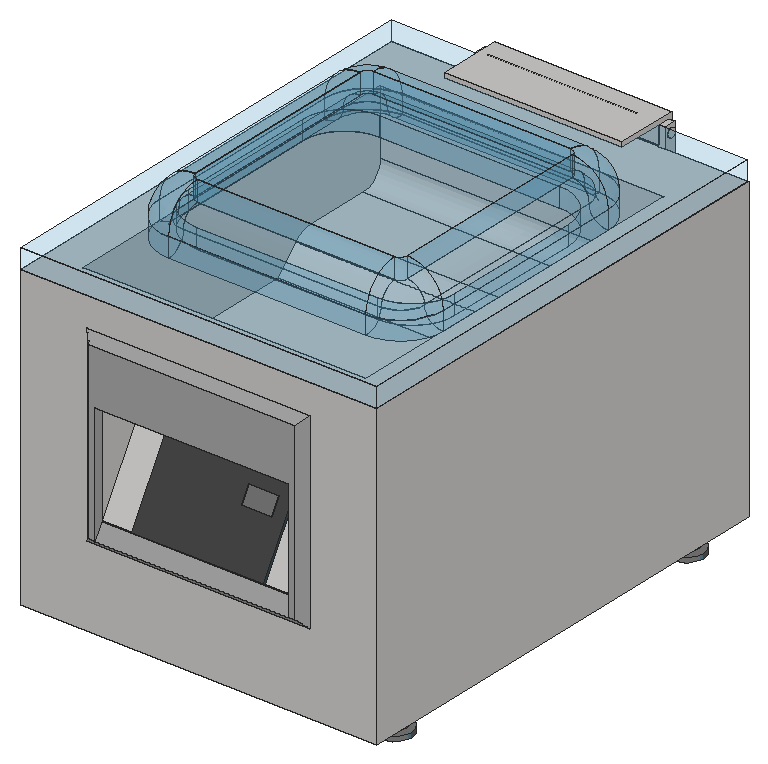
Revit family "QF_ELECTROLUXPROFESSIONAL_602212_EVP12D", category Specialty Equipment, Revit 2018
Family settings
  Round Connector Dimension = Use Diameter
  Part Type = Normal
  Work Plane-Based = No
  Always vertical = Yes
  Cut with Voids When Loaded = No
  Shared = No
  Room Calculation Point = No
Parameters (values of type "Standard")
  Weight = 46.50 kg
  Watts = 0 W
  Volts = 220 V
  URL Manufacturer = "https://www.electroluxprofessional.com/"
  URL = "https://www.electroluxprofessional.com/"
  Steam Supply Size = 0 mm
  Steam Supply Minimum Pressure = 0.0 Pa
  Steam Supply Maximum Pressure = 0.0 Pa
  Steam Pounds per Hour = 0
  Refrigeration Suction Line Size = 0.0 mm
  Refrigeration Liquid Line Size = 0.0 mm
  Refrigerant Compressor Remote = yes
  Manufacturer = "Electrolux Professional"
  Phase = 1
  Model = "EVP12D"
  Length Actual = 415.0 mm  # constant formula
  Item Number = "602212"
  Hot Water Size = 0 mm
  Height Actual = 437.0 mm  # constant formula
  HP = "0.9 HP"
  Gas Size = 0 mm
  Gas KW = 0
  Gas Input Pressure = 0 W
  Direct Waste Size = 0 mm
  Description = "VACUUM PACKER 12 M3/H, TABLE TOP, DIGITAL DISPLAY - UK PLUG"
  Depth Actual = 587.0 mm  # constant formula
  Cycle = 50 Hz
  Condensate Return Size = 0 mm
  Compressed Air Volume = 0.0 L/s
  Compressed Air Size = 0 mm
  Compressed Air Pressure = 0.0 Pa
  Cold Water Size = 0 mm
  Accessory = yes
Reference planes
  plane 1 "Center (Front/Back)": y = 0
  plane 2: z = 0
  plane 3 "Center (Left/Right)": x = 0
  plane 4 "LEFT": x = -207.5
  plane 5 "RIGHT": x = 207.5
  plane 6 "BACK": y = 285
  plane 7 "FRONT": y = -285
  plane 8 "Feet": z = 923
  plane 9 "TOP": z = 1337
  plane 10 "FeetY_Left": x = -178
  plane 11 "FeetX_Back": y = 212.5
  plane 12 "FeetX_Front": y = -212.5
  plane 13 "FeetY_Right": x = 178
  plane 14 "Cover": z = 1296
  plane 15 "PANEL": through (0, -188.368, 1189.413) normal (0, -0.8594, 0.5113)
  plane 16 "Pipe": y = 302
  plane 17 "PipeX": x = -194.407
  plane 18 "Open_MaxHeight": z = 1698
  plane 19 "Base": z = 900
Forms (mm)
  Revolve 1, solid, material "QF_Finishes_Rubber Black"
    sketch origin (-178, -374, 0) x (0, 1, 0) y (0, 0, 1)
      loop
        line (161.5, 900) -> (161.5, 923) -> (147.459, 923) -> (147.459, 908) -> (141.5, 905) -> (141.5, 900) -> (161.5, 900)
      axis (161.5, 923) -> (161.5, 900)
    angle from 0 to 360
  Revolve 2, solid, material "QF_Finishes_Rubber Black"
    sketch origin (178, 0, 0) x (0, 1, 0) y (0, 0, 1)
      loop
        line (-212.5, 900) -> (-212.5, 923) -> (-226.541, 923) -> (-226.541, 908) -> (-232.5, 905) -> (-232.5, 900) -> (-212.5, 900)
      axis (-212.5, 923) -> (-212.5, 900)
    angle from 0 to 360
  Revolve 3, solid, material "QF_Finishes_Rubber Black"
    sketch origin (-178, 0, 0) x (0, 1, 0) y (0, 0, 1)
      loop
        line (212.5, 900) -> (212.5, 923) -> (198.459, 923) -> (198.459, 908) -> (192.5, 905) -> (192.5, 900) -> (212.5, 900)
      axis (212.5, 923) -> (212.5, 900)
    angle from 0 to 360
  Revolve 4, solid, material "QF_Finishes_Rubber Black"
    sketch origin (178, 374, 0) x (0, 1, 0) y (0, 0, 1)
      loop
        line (-161.5, 900) -> (-161.5, 923) -> (-175.541, 923) -> (-175.541, 908) -> (-181.5, 905) -> (-181.5, 900) -> (-161.5, 900)
      axis (-161.5, 923) -> (-161.5, 900)
    angle from 0 to 360
  Extrusion 5, solid, material "QF_Finishes_Stainless Steel"
    sketch origin (0, 0, 0) x (1, 0, 0) y (0, 1, 0)
      loop
        line (-207.5, -275) -> (207.5, -275) -> (207.5, 266) -> (-207.5, 266) -> (-207.5, -275)
    from 923 to 1273
  Extrusion 6, solid, material "Glass"
    sketch origin (0, 0, 0) x (1, 0, 0) y (0, 1, 0)
      loop
        line (-207.5, -275) -> (207.5, -275) -> (207.5, 266) -> (-207.5, 266) -> (-207.5, -275)
      loop
        line (-155, 70) -> (-155, -95.5)
        arc (-155, -95.5) -> (-140.355, -130.855) -> (-105, -145.5) r 50
        line (-105, -145.5) -> (105.024, -145.5)
        arc (105.024, -145.5) -> (140.38, -130.855) -> (155.024, -95.5) r 50
        line (155.024, -95.5) -> (155.024, 70)
        arc (155.024, 70) -> (140.38, 105.355) -> (105.024, 120) r 50
        line (105.024, 120) -> (-105, 120)
        arc (-105, 120) -> (-140.355, 105.355) -> (-155, 70) r 50
    from 1296 to 1273
  Sweep 7, solid, material "Glass"
    path origin (0, 0, 1296) x (-1, 0, 0) y (0, -1, 0)
      loop
        arc (115, -165.5) -> (150.355, -150.855) -> (165, -115.5) r 50
        line (165, -115.5) -> (165, 124.5)
        arc (165, 124.5) -> (150.355, 159.855) -> (115, 174.5) r 50
        line (115, 174.5) -> (-115, 174.5)
        arc (-115, 174.5) -> (-150.355, 159.855) -> (-165, 124.5) r 50
        line (-165, 124.5) -> (-165, -115.5)
        arc (-165, -115.5) -> (-150.355, -150.855) -> (-115, -165.5) r 50
        line (-115, -165.5) -> (115, -165.5)
    profile origin (0, 165.5, 1296) x (0, 1, 0) y (0, 0, 1)
      loop
        line (0.024, -22.925) -> (0.024, -0.972)
        arc (0.024, -0.972) -> (-12.266, 28.699) -> (-41.936, 40.989) r 41.96
        line (-41.936, 40.989) -> (-41.936, 16.929)
        arc (-41.936, 16.929) -> (-27.767, 11.06) -> (-21.898, -3.109) r 20.038
        arc (-21.898, -3.109) -> (-15.074, -17.594) -> (0.024, -22.925) r 20.778
  Extrusion 8, void
    sketch origin (0, 0, 0) x (0, 1, 0) y (0, 0, 1)
      loop
        line (195.533, 1273) -> (-237.5, 1273) -> (-237.5, 1198)
        arc (-237.5, 1198) -> (-230.178, 1180.322) -> (-212.5, 1173) r 25
        line (-212.5, 1173) -> (-144.692, 1173)
        arc (-144.692, 1173) -> (-133.211, 1170.716) -> (-123.479, 1164.213) r 30
        line (-123.479, 1164.213) -> (-97.265, 1138) -> (47.265, 1138) -> (73.479, 1164.213)
        arc (73.479, 1164.213) -> (83.211, 1170.716) -> (94.692, 1173) r 30
        line (94.692, 1173) -> (170.533, 1173)
        arc (170.533, 1173) -> (188.211, 1180.322) -> (195.533, 1198) r 25
        line (195.533, 1198) -> (195.533, 1273)
    from -165.024 to 165.024
  Blend 9, solid, material "QF_Finishes_Gray"
    base sketch origin (10, -285, 0) x (-1, 0, 0) y (0, 0, 1)
      loop
        line (140, 1239.464) -> (-120, 1239.464) -> (-120, 1017) -> (140, 1017) -> (140, 1239.464)
    top sketch origin (10, -285, 0) x (-1, 0, 0) y (0, 0, 1)
      loop
        line (-110, 1229.464) -> (-110, 1027) -> (130, 1027) -> (130, 1229.464) -> (-110, 1229.464)
    from 10 to 0
  Extrusion 10, void
    sketch origin (0, 0, 0) x (0, 1, 0) y (0, 0, 1)
      loop
        line (-285, 1027) -> (-223.591, 1130.213) -> (-285, 1166.75) -> (-285, 1027)
    from -113 to 113
  Extrusion 11, solid, material "QF_Finishes_Stainless Steel"
    sketch origin (0, 0, 0) x (0, 1, 0) y (0, 0, 1)
      loop
        line (266, 1224.492) -> (280, 1224.492) -> (280, 1296) -> (266, 1296) -> (266, 1224.492)
    from -103 to -111
  Extrusion 12, solid, material "QF_Finishes_Stainless Steel"
    sketch origin (0, 0, 0) x (0, 1, 0) y (0, 0, 1)
      loop
        line (212.5, 1296) -> (266, 1296) -> (266, 1274.306) -> (285, 1274.306) -> (285, 1301) -> (212.5, 1301) -> (212.5, 1296)
      loop
        circle (273, 1287.774) r 5
    from -103 to 103
  Extrusion 13, solid, material "QF_Finishes_Stainless Steel"
    sketch origin (0, 0, 0) x (0, 1, 0) y (0, 0, 1)
      loop
        circle (273, 1287.774) r 5
    from 111 to 112.734
  Extrusion 14, solid, material "QF_Finishes_Stainless Steel"
    sketch origin (0, 0, 0) x (0, 1, 0) y (0, 0, -1)
      loop
        circle (273, -1287.774) r 5
    from 111 to 113.286
  Extrusion 15, solid, material "QF_Finishes_Stainless Steel"
    sketch origin (0, 0, 0) x (0, 1, 0) y (0, 0, 1)
      loop
        line (266, 1224.492) -> (280, 1224.492) -> (280, 1296) -> (266, 1296) -> (266, 1224.492)
    from 103 to 111
  Extrusion 16, solid, material "QF_Finishes_Stainless Steel"
    sketch origin (0, 285, 0) x (-1, 0, 0) y (0, 0, 1)
      loop
        circle (-185, 933) r 8
    from -19 to -17.4
  Sweep 17, solid, material "QF_Finishes_Stainless Steel"
    path origin (-194.407, 0, 0) x (0, -1, 0) y (0, 0, 1)
      loop
        line (-293.5, 1130.544) -> (-293.5, 1115.544)
        arc (-293.5, 1115.544) -> (-290.571, 1108.473) -> (-283.5, 1105.544) r 10
        line (-283.5, 1105.544) -> (-266, 1105.544)
    profile origin (-194.407, 293.5, 1123.044) x (-1, 0, 0) y (0, -1, 0)
      loop
        circle (0, 0) r 8.5
      loop
        circle (0, 0) r 7
  Extrusion 18, solid, material "QF_Door-Drawer Clearances", detail levels coarse
    sketch origin (-10, -193.063, 1228.659) x (1, 0, 0) y (0, 0.669131, -0.743145)
      loop
        line (-197.5, -275) -> (217.5, -275) -> (217.5, 266) -> (-197.5, 266) -> (-197.5, -275)
      loop
        line (-155, 70) -> (-155, -95.5)
        arc (-155, -95.5) -> (-140.355, -130.855) -> (-105, -145.5) r 50
        line (-105, -145.5) -> (125, -145.5)
        arc (125, -145.5) -> (160.355, -130.855) -> (175, -95.5) r 50
        line (175, -95.5) -> (175, 70)
        arc (175, 70) -> (160.355, 105.355) -> (125, 120) r 50
        line (125, 120) -> (-105, 120)
        arc (-105, 120) -> (-140.355, 105.355) -> (-155, 70) r 50
    from 396 to 373
  Sweep 19, solid, material "QF_Door-Drawer Clearances", detail levels coarse
    path origin (0, 101.222, 1493.635) x (0, -0.669131, 0.743145) y (-1, 0, 0)
      loop
        line (-165.5, 115) -> (-165.5, -115)
        arc (-165.5, -115) -> (-150.855, -150.355) -> (-115.5, -165) r 50
        line (-115.5, -165) -> (124.5, -165)
        arc (124.5, -165) -> (159.855, -150.355) -> (174.5, -115) r 50
        line (174.5, -115) -> (174.5, 115)
        arc (174.5, 115) -> (159.855, 150.355) -> (124.5, 165) r 50
        line (124.5, 165) -> (-115.5, 165)
        arc (-115.5, 165) -> (-150.855, 150.355) -> (-165.5, 115) r 50
    profile origin (0, 211.963, 1370.645) x (0, -0.669131, 0.743145) y (0, -0.743145, -0.669131)
      loop
        line (-0.01, 22.918) -> (-0.01, 0.001)
        arc (-0.01, 0.001) -> (9.97, -25.564) -> (33.899, -39.003) r 40.754
        line (33.899, -39.003) -> (41.915, -39.003) -> (41.915, -16.922)
        arc (41.915, -16.922) -> (27.753, -11.056) -> (21.886, 3.106) r 20.029
        arc (21.886, 3.106) -> (15.073, 17.582) -> (-0.01, 22.918) r 20.768
  Extrusion 20, solid, material "Glass"
    sketch origin (10, 0, 1296) x (-1, 0, 0) y (0, -1, 0)
      loop
        line (133.064, -115.5) -> (133.064, 124.5)
        arc (133.064, 124.5) -> (130.702, 130.202) -> (125, 132.564) r 8.064
        line (125, 132.564) -> (-105, 132.564)
        arc (-105, 132.564) -> (-110.702, 130.202) -> (-113.064, 124.5) r 8.064
        line (-113.064, 124.5) -> (-113.064, -115.5)
        arc (-113.064, -115.5) -> (-110.702, -121.202) -> (-105, -123.564) r 8.064
        line (-105, -123.564) -> (125, -123.564)
        arc (125, -123.564) -> (130.702, -121.202) -> (133.064, -115.5) r 8.064
    from 41 to 16.929
Cuts and joins
  Extrusion 8, Extrusion 10 cuts Extrusion 5
  Extrusion 10 cuts Blend 9
Lines and regions (mm)
  symbolic lines
    curve 1: line (207.5, -275, 1296) -> (-207.5, -275, 1296)
    curve 2: line (-130, -285, 1296) -> (-140, -275, 1296)
    curve 3: line (110, -285, 1296) -> (-130, -285, 1296)
    curve 4: line (207.5, 266, 1296) -> (207.5, -275, 1296)
    curve 5: line (-207.5, -275, 1296) -> (-207.5, 266, 1296)
    curve 6: line (-103, 285, 1296) -> (103, 285, 1296)
    curve 7: line (103, 280, 1296) -> (111, 280, 1296)
    curve 8: line (-103, 285, 1296) -> (-103, 212.5, 1296)
    curve 9: line (103, 285, 1296) -> (103, 212.5, 1296)
    curve 10: line (111, 280, 1296) -> (111, 266, 1296)
    curve 11: line (-207.5, 266, 1296) -> (-103, 266, 1296)
    curve 12: line (203, 267.6, 1296) -> (177, 267.6, 1296)
    curve 13: line (177, 267.6, 1296) -> (177, 266, 1296)
    curve 14: line (203, 267.6, 1296) -> (203, 266, 1296)
    curve 15: line (103, 212.5, 1296) -> (-103, 212.5, 1296)
    curve 16: line (103, 266, 1296) -> (207.5, 266, 1296)
    curve 17: circle (-194.407, 293.5, 1296) r 8.5 normal (0, 0, 1)
    curve 18: circle (-194.407, 293.5, 1296) r 7 normal (0, 0, -1)
    curve 19: line (-202.907, 293.5, 1296) -> (-202.907, 266, 1296)
    curve 20: line (-185.907, 293.5, 1296) -> (-185.907, 266, 1296)
    curve 21: line (165.024, 115.5, 1296) -> (165.024, -124.5, 1296)
    curve 22: arc (-115, -174.524, 1296) -> (-150.372, -159.872, 1296) -> (-165.024, -124.5, 1296) r 50.024
    curve 23: arc (165.024, -124.5, 1296) -> (150.372, -159.872, 1296) -> (115, -174.524, 1296) r 50.024
    curve 24: line (115, -174.524, 1296) -> (-115, -174.524, 1296)
    curve 25: arc (115, 165.524, 1296) -> (150.372, 150.872, 1296) -> (165.024, 115.5, 1296) r 50.024
    curve 26: line (-115, 165.524, 1296) -> (115, 165.524, 1296)
    curve 27: arc (-165.024, 115.5, 1296) -> (-150.372, 150.872, 1296) -> (-115, 165.524, 1296) r 50.024
    curve 28: line (-165.024, 115.5, 1296) -> (-165.024, -124.5, 1296)
    curve 29: line (-103, 280, 1296) -> (-111, 280, 1296)
    curve 30: line (-111, 280, 1296) -> (-111, 266, 1296)
    curve 31: line (120, -275, 1296) -> (110, -285, 1296)
Dimensions and locks
  plane 4 "LEFT" to plane 5 "RIGHT" = 415.0 mm
  equal spacing: plane 4 "LEFT", plane 3 "Center (Left/Right)", plane 5 "RIGHT"
  equal spacing: plane 6 "BACK", plane 1 "Center (Front/Back)", plane 7 "FRONT"
  plane 6 "BACK" to plane 7 "FRONT" = 570.0 mm
  plane 10 "FeetY_Left" to plane 13 "FeetY_Right" = 356.0 mm
  plane 11 "FeetX_Back" to plane 12 "FeetX_Front" = 425.0 mm
  equal spacing: plane 11 "FeetX_Back", plane 1 "Center (Front/Back)", plane 12 "FeetX_Front"
  plane 7 "FRONT" to plane 16 "Pipe" = 587.0 mm
  plane 19 "Base" to level = 900.0 mm
  plane 8 "Feet" to plane 19 "Base" = 23.0 mm
  plane 9 "TOP" to plane 19 "Base" = 437.0 mm
  plane 18 "Open_MaxHeight" to plane 19 "Base" = 798.0 mm
  aligned and locked: level to plane 2
  aligned and locked: plane 8 "Feet" to Extrusion 5
  aligned and locked: Revolve 1 sketch curve to plane 19 "Base"
  aligned and locked: Revolve 3 sketch curve to plane 19 "Base"
Automatic sketch dimensions
  Revolve 1 sketch curve to plane 8 "Feet" = 0.0 mm
  Revolve 1 sketch curve to plane 12 "FeetX_Front" = 0.0 mm  (x2)
  Revolve 1 sketch curve to plane 12 "FeetX_Front" = 14.041 mm
  level to Revolve 1 sketch curve = 905.0 mm
  Revolve 1 sketch curve to Revolve 1 sketch curve = 5.959 mm
  Revolve 1 sketch curve to Revolve 1 sketch curve = 3.0 mm
  Revolve 1 sketch curve to Revolve 1 sketch curve = 906.921 mm
  Revolve 1 sketch curve to Revolve 1 sketch curve = 8.067 mm
  level to Revolve 2 sketch curve = 900.0 mm
  Revolve 2 sketch curve to plane 8 "Feet" = 0.0 mm
  Revolve 2 sketch curve to plane 12 "FeetX_Front" = 0.0 mm  (x2)
  Revolve 2 sketch curve to plane 12 "FeetX_Front" = 14.041 mm
  level to Revolve 2 sketch curve = 905.0 mm
  Revolve 2 sketch curve to Revolve 2 sketch curve = 5.959 mm
  Revolve 2 sketch curve to Revolve 2 sketch curve = 3.0 mm
  Revolve 2 sketch curve to Revolve 2 sketch curve = 906.921 mm
  Revolve 2 sketch curve to Revolve 2 sketch curve = 8.067 mm
  Revolve 3 sketch curve to plane 8 "Feet" = 0.0 mm
  Revolve 3 sketch curve to plane 11 "FeetX_Back" = 0.0 mm  (x2)
  Revolve 3 sketch curve to plane 11 "FeetX_Back" = 14.041 mm
  level to Revolve 3 sketch curve = 905.0 mm
  Revolve 3 sketch curve to Revolve 3 sketch curve = 5.959 mm
  Revolve 3 sketch curve to Revolve 3 sketch curve = 3.0 mm
  Revolve 3 sketch curve to Revolve 3 sketch curve = 906.921 mm
  Revolve 3 sketch curve to Revolve 3 sketch curve = 8.067 mm
  level to Revolve 4 sketch curve = 900.0 mm
  Revolve 4 sketch curve to plane 8 "Feet" = 0.0 mm
  Revolve 4 sketch curve to plane 11 "FeetX_Back" = 0.0 mm  (x2)
  Revolve 4 sketch curve to plane 11 "FeetX_Back" = 14.041 mm
  level to Revolve 4 sketch curve = 905.0 mm
  Revolve 4 sketch curve to Revolve 4 sketch curve = 5.959 mm
  Revolve 4 sketch curve to Revolve 4 sketch curve = 3.0 mm
  Revolve 4 sketch curve to Revolve 4 sketch curve = 906.921 mm
  plane 8 "Feet" to Revolve 4 sketch curve = 8.067 mm
  Extrusion 5 sketch curve to plane 4 "LEFT" = 0.0 mm
  Extrusion 5 sketch curve to plane 5 "RIGHT" = 0.0 mm
  plane 7 "FRONT" to Extrusion 5 sketch curve = 10.0 mm
  Extrusion 5 sketch curve to plane 6 "BACK" = 19.0 mm
  Extrusion 6 sketch curve to plane 4 "LEFT" = 0.0 mm
  Extrusion 6 sketch curve to plane 5 "RIGHT" = 0.0 mm
  plane 10 "FeetY_Left" to Extrusion 6 sketch curve = 23.0 mm
  Extrusion 6 sketch curve to Extrusion 6 sketch curve = 50.0 mm
  plane 10 "FeetY_Left" to Extrusion 6 sketch curve = 73.0 mm
  Extrusion 6 sketch curve to plane 13 "FeetY_Right" = 72.976 mm  (x2)
  Extrusion 6 sketch curve to plane 13 "FeetY_Right" = 22.976 mm
  plane 7 "FRONT" to Extrusion 6 sketch curve = 10.0 mm
  plane 12 "FeetX_Front" to Extrusion 6 sketch curve = 67.0 mm
  Extrusion 6 sketch curve to plane 1 "Center (Front/Back)" = 70.0 mm
  Extrusion 6 sketch curve to plane 6 "BACK" = 19.0 mm
  Sweep 7 sketch curve to plane 13 "FeetY_Right" = 13.0 mm
  Sweep 7 sketch curve to plane 11 "FeetX_Back" = 47.0 mm
  Sweep 7 sketch curve to plane 13 "FeetY_Right" = 63.0 mm  (x2)
  plane 12 "FeetX_Front" to Sweep 7 sketch curve = 38.0 mm
  plane 10 "FeetY_Left" to Sweep 7 sketch curve = 63.0 mm  (x2)
  plane 10 "FeetY_Left" to Sweep 7 sketch curve = 13.0 mm
  Extrusion 8 sketch curve to plane 12 "FeetX_Front" = 0.0 mm
  Extrusion 8 sketch curve to plane 12 "FeetX_Front" = 25.0 mm
  Extrusion 8 sketch curve to Extrusion 8 sketch curve = 67.808 mm
  Extrusion 8 sketch curve to Extrusion 8 sketch curve = 21.213 mm  (x4)
  Extrusion 8 sketch curve to Extrusion 8 sketch curve = 26.213 mm  (x2)
  Extrusion 8 sketch curve to plane 1 "Center (Front/Back)" = 47.265 mm
  Extrusion 8 sketch curve to plane 11 "FeetX_Back" = 41.967 mm
  Extrusion 8 sketch curve to plane 11 "FeetX_Back" = 16.967 mm
  plane 14 "Cover" to Extrusion 8 sketch curve = 158.0 mm
  Extrusion 8 sketch curve to Extrusion 8 sketch curve = 5.0 mm  (x2)
  plane 14 "Cover" to Extrusion 8 sketch curve = 23.0 mm
  plane 14 "Cover" to Extrusion 11 sketch curve = 0.0 mm
  Extrusion 11 sketch curve to plane 6 "BACK" = 19.0 mm
  Extrusion 11 sketch curve to plane 6 "BACK" = 5.0 mm
  Extrusion 11 sketch curve to Extrusion 11 sketch curve = 71.508 mm
  plane 14 "Cover" to Extrusion 12 sketch curve = 0.0 mm
  Extrusion 12 sketch curve to plane 6 "BACK" = 0.0 mm
  Extrusion 12 sketch curve to plane 6 "BACK" = 12.0 mm
  Extrusion 12 sketch curve to Extrusion 12 sketch curve = 7.0 mm
  Extrusion 12 sketch curve to plane 11 "FeetX_Back" = 0.0 mm
  plane 14 "Cover" to Extrusion 12 sketch curve = 8.226 mm
  Extrusion 12 sketch curve to Extrusion 12 sketch curve = 13.468 mm
  Extrusion 12 sketch curve to plane 14 "Cover" = 5.0 mm
  Extrusion 13 sketch curve to plane 6 "BACK" = 12.0 mm
  plane 14 "Cover" to Extrusion 13 sketch curve = 8.226 mm
  Extrusion 14 sketch curve to plane 6 "BACK" = 12.0 mm
  plane 14 "Cover" to Extrusion 14 sketch curve = 8.226 mm
  plane 14 "Cover" to Extrusion 15 sketch curve = 0.0 mm
  Extrusion 15 sketch curve to plane 6 "BACK" = 19.0 mm
  Extrusion 15 sketch curve to plane 6 "BACK" = 5.0 mm
  Extrusion 15 sketch curve to Extrusion 15 sketch curve = 71.508 mm
  plane 13 "FeetY_Right" to Extrusion 16 sketch curve = 7.0 mm
  plane 8 "Feet" to Extrusion 16 sketch curve = 10.0 mm
  plane 6 "BACK" to Sweep 17 sketch curve = 8.5 mm
  Sweep 17 sketch curve to plane 6 "BACK" = 1.5 mm
  plane 8 "Feet" to Sweep 17 sketch curve = 182.544 mm
  Sweep 17 sketch curve to Sweep 17 sketch curve = 17.5 mm
  Sweep 17 sketch curve to Sweep 17 sketch curve = 15.0 mm
  Sweep 17 sketch curve to Sweep 17 sketch curve = 0.0 mm  (x2)
  Sweep 17 sketch curve to plane 17 "PipeX" = 0.0 mm
  Sweep 17 sketch curve to profile plane = 0.0 mm
  plane 4 "LEFT" to Extrusion 18 sketch curve = 0.0 mm
  plane 5 "RIGHT" to Extrusion 18 sketch curve = 0.0 mm
  plane 10 "FeetY_Left" to Extrusion 18 sketch curve = 13.0 mm
  Extrusion 18 sketch curve to Extrusion 18 sketch curve = 50.0 mm
  plane 10 "FeetY_Left" to Extrusion 18 sketch curve = 63.0 mm
  Extrusion 18 sketch curve to plane 13 "FeetY_Right" = 63.0 mm  (x2)
  Extrusion 18 sketch curve to plane 13 "FeetY_Right" = 13.0 mm
  Extrusion 18 sketch curve to Extrusion 18 sketch curve = 129.5 mm
  Extrusion 18 sketch curve to Extrusion 18 sketch curve = 165.5 mm
  Extrusion 18 sketch curve to Extrusion 18 sketch curve = 146.0 mm
  plane 10 "FeetY_Left" to Sweep 19 sketch curve = 63.0 mm  (x2)
  Sweep 19 sketch curve to plane 13 "FeetY_Right" = 13.0 mm
  Sweep 19 sketch curve to Sweep 19 sketch curve = 50.0 mm  (x2)
  Sweep 19 sketch curve to Sweep 19 sketch curve = 240.0 mm
  Sweep 19 sketch curve to Sweep 19 sketch curve = 0.0 mm
  profile plane to Sweep 19 sketch curve = 0.001 mm
  profile plane to Sweep 19 sketch curve = 0.01 mm
  Sweep 19 sketch curve to profile plane = 1.139 mm
  Sweep 19 sketch curve to profile plane = 33.899 mm
  profile plane to Sweep 19 sketch curve = 1.175 mm
  Sweep 19 sketch curve to Sweep 19 sketch curve = 39.588 mm
  Sweep 19 sketch curve to Sweep 19 sketch curve = 1.188 mm
  Sweep 19 sketch curve to profile plane = 16.922 mm
  profile plane to Sweep 19 sketch curve = 2.182 mm
  Sweep 19 sketch curve to Sweep 19 sketch curve = 1.932 mm
  Blend 9 sketch curve to plane 13 "FeetY_Right" = 58.0 mm
  plane 10 "FeetY_Left" to Blend 9 sketch curve = 58.0 mm
  plane 8 "Feet" to Blend 9 sketch curve = 104.0 mm
  plane 14 "Cover" to Blend 9 sketch curve = 66.536 mm
  plane 10 "FeetY_Left" to Blend 9 sketch curve = 48.0 mm
  plane 8 "Feet" to Blend 9 sketch curve = 94.0 mm
  Blend 9 sketch curve to plane 13 "FeetY_Right" = 48.0 mm
  plane 14 "Cover" to Blend 9 sketch curve = 56.536 mm
  curve 17 to curve 18 = 0.0 mm  (x2)
  curve 4 to plane 5 "RIGHT" = 0.0 mm
  curve 3 to plane 7 "FRONT" = 0.0 mm
  curve 6 to plane 6 "BACK" = 0.0 mm
  curve 18 to plane 17 "PipeX" = 0.0 mm
  curve 11 to plane 4 "LEFT" = 0.0 mm
  curve 12 to plane 5 "RIGHT" = 4.5 mm
  curve 12 to plane 13 "FeetY_Right" = 1.0 mm
  curve 21 to plane 13 "FeetY_Right" = 12.976 mm
  curve 23 to curve 24 = 50.024 mm
  curve 21 to curve 25 = 50.024 mm
  curve 10 to plane 6 "BACK" = 5.0 mm
  curve 10 to plane 13 "FeetY_Right" = 67.0 mm
  curve 7 to curve 6 = 8.0 mm
  plane 10 "FeetY_Left" to curve 6 = 75.0 mm
  curve 29 to curve 29 = 8.0 mm
  plane 10 "FeetY_Left" to curve 24 = 63.0 mm
  plane 10 "FeetY_Left" to curve 27 = 63.0 mm
  plane 10 "FeetY_Left" to curve 2 = 48.0 mm
  plane 10 "FeetY_Left" to curve 28 = 12.976 mm
  plane 6 "BACK" to curve 17 = 8.5 mm
  curve 30 to plane 6 "BACK" = 5.0 mm
  curve 14 to plane 6 "BACK" = 17.4 mm
  curve 11 to plane 6 "BACK" = 19.0 mm
  curve 12 to curve 16 = 1.6 mm
  curve 15 to plane 11 "FeetX_Back" = 0.0 mm
  curve 9 to curve 26 = 46.976 mm
  plane 12 "FeetX_Front" to curve 23 = 88.0 mm
  plane 7 "FRONT" to curve 1 = 10.0 mm
  curve 31 to plane 13 "FeetY_Right" = 58.0 mm
  curve 31 to curve 3 = 10.0 mm
  curve 2 to curve 2 = 10.0 mm
  curve 20 to plane 10 "FeetY_Left" = 7.907 mm
  curve 19 to curve 17 = 0.0 mm
  curve 17 to curve 20 = 0.0 mm
  plane 10 "FeetY_Left" to Extrusion 20 sketch curve = 63.0 mm
  Extrusion 20 sketch curve to plane 11 "FeetX_Back" = 88.936 mm
  Extrusion 20 sketch curve to Extrusion 20 sketch curve = 8.064 mm  (x4)
  plane 12 "FeetX_Front" to Extrusion 20 sketch curve = 88.0 mm
  Extrusion 20 sketch curve to plane 13 "FeetY_Right" = 63.0 mm
  plane 14 "Cover" to Sweep 7 sketch curve = 0.972 mm
  profile plane to Sweep 7 sketch curve = 41.936 mm
  profile plane to Sweep 7 sketch curve = 1.141 mm
  Sweep 7 sketch curve to profile plane = 0.024 mm
  Sweep 7 sketch curve to Sweep 7 sketch curve = 1.208 mm
  Sweep 7 sketch curve to Sweep 7 sketch curve = 2.137 mm
  Sweep 7 sketch curve to Sweep 7 sketch curve = 20.745 mm
  Extrusion 10 sketch curve to plane 7 "FRONT" = 0.0 mm
  Extrusion 10 sketch curve to plane 12 "FeetX_Front" = 11.091 mm
  Extrusion 10 sketch curve to plane 15 "PANEL" = 0.0 mm  (x2)
  radius of Extrusion 12 sketch curve = 5.0 mm
  radius of Extrusion 13 sketch curve = 5.0 mm
  radius of Extrusion 14 sketch curve = 5.0 mm
  radius of Extrusion 16 sketch curve = 8.0 mm
  radius of Sweep 17 sketch curve = 8.5 mm
  radius of Sweep 17 sketch curve = 7.0 mm
  radius of curve 18 = 7.0 mm
Nested families
  nested 1: "QF_EVP_PANEL" at (0.008, -249.157, 1087.243) x (1, 0, 0) z (0, -0.8594, 0.5113), type "QF_EVP_PANEL"
Connectors
  electrical at (185, 267.6, 933), driven by "Volts"
    settings: on Extrusion 16, index 1, voltage 220 V, apparent load 0 VA, apparent load phase1 0 VA, apparent load phase2 0 VA, apparent load phase3 0 VA, power factor 1, load classification "Other", number of poles 1, system type 30, power factor state 1, is connector primary yes, connector utility no, sub classification motor no, connector description "Electrical Connection"
  piping at (-194.407, 293.5, 1130.544), diameter 17
    settings: on Sweep 17, index 2, connector inside diameter 609.6 mm, connector length 0.0 mm, flow factor 0, pipe flow 0.0 L/s, pressure drop 0.0 Pa, fitting loss kfactor 0, connector angle 0.00°, fixture units 0, engagement length 0.0 mm, angle of deflection 0.00°, flow configuration 1, flow direction 1, fitting loss method 0, system type 22, joint type 0, gender type 0, connector reference index -1, connector utility 0, adjustable connector no, is connector primary yes, connector description "Inert Gas Connection"
Definition of nested family "QF_EVP_PANEL"
  Parameters
    Default Elevation = 1219.2 mm
  Reference planes
    plane 1 "Center (Front/Back)": y = 0
    plane 2: z = 0
    plane 3 "Center (Left/Right)": x = 0
    plane 4: y = 50
    plane 5: y = -50
    plane 6: x = -77
    plane 7: x = 77
  Forms (mm)
    Extrusion 1, solid
      sketch origin (0, 0, 0) x (1, 0, 0) y (0, 1, 0)
        loop
          line (-1219.2, 1219.2) -> (-1219.2, -1219.2) -> (1219.2, -1219.2) -> (1219.2, 1219.2) -> (-1219.2, 1219.2)
      from 0 to -304.8
    Extrusion 2, solid
      sketch origin (0, 0, 0) x (1, 0, 0) y (0, 1, 0)
        loop
          line (26.572, 30) -> (26.572, 10) -> (61.572, 10) -> (61.572, 30) -> (26.572, 30)
        loop
          line (77, 50) -> (-77, 50) -> (-77, -50) -> (77, -50) -> (77, 50)
      from 0 to 1.6
    Extrusion 3, solid
      sketch origin (0, 0, 0) x (1, 0, 0) y (0, 1, 0)
        loop
          line (26.572, 30) -> (26.572, 10) -> (61.572, 10) -> (61.572, 30) -> (26.572, 30)
      from 0 to 1.6
  Dimensions and locks
    plane 6 to plane 7 = 154.0 mm
    plane 4 to plane 5 = 100.0 mm
    aligned and locked: plane 2 to Extrusion 1
    aligned and locked: level to Extrusion 1
